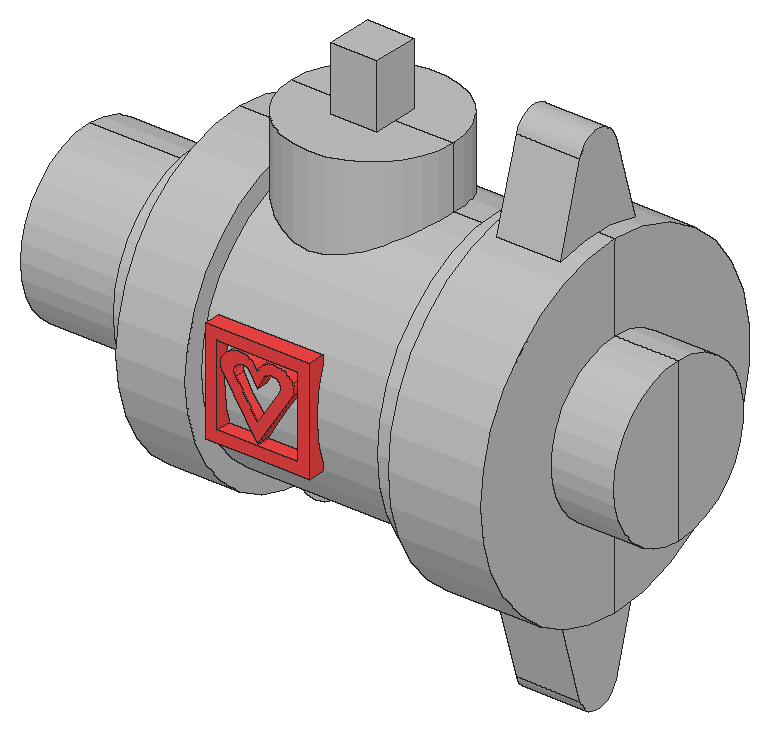
Revit family "Кран для слива и наполнения котла 2512 11", category Rohrzubehör, Revit 2020
Family settings
  Bemaßung runder Anschluss = Durchmesser verwenden
  Teiletyp = Normal
  OmniClass-Nummer = 23.65.55.14
  OmniClass-Titel = Valves for Liquid Services
  Arbeitsebenenbasiert = Nein
  Immer vertikal = Ja
  Beim Laden mit Abzugskörper schneiden = Nein
  Gemeinsam genutzt = Nein
Parameters
  Номер заказа [instance] = if(Nennweite = 15.000 mm, 1251211, 0)  # 1251211
  Мин. рабочая температура = -30 °C  # constant formula
  Макс. рабочая температура = 110 °C  # constant formula
  Макс. рабочее давление = 1000000.0 Pa  # constant formula
  Vorgabe-Ansicht = 0.000 mm
  URL = "www.herz-armaturen.ru"
  Шпиндель = "Латунь CW614N"  # constant formula
  SCTWSEQ = "ENT;AO;1"
  SCTWCODE = "01;10;01"  # constant formula
  SCRNSEQ = "ARM;ARM_TYP=\"ABSV\";1"
  SCRNCODE = "05;08;01"  # constant formula
  S04 = 45.000 mm  # constant formula
  S03 = 16.000 mm  # constant formula
  S02 = L00 - L01  # 24.500 mm
  S01 = L00 + (L09 - L05)  # 51.000 mm
  R99 = 2.000 mm  # constant formula
  R01 = 7.000 mm  # constant formula
  Nennweite [instance] = 15.000 mm  # constant formula
  L10 = L01 - L05 + 1.000 mm  # 14.000 mm
  L09 = 13.500 mm  # constant formula
  L08 = 8.000 mm  # constant formula
  L07 = 4.000 mm  # constant formula
  L06 = 19.000 mm  # constant formula
  L05 = 6.500 mm  # constant formula
  L04 = 9.500 mm  # constant formula
  L03 = 8.500 mm  # constant formula
  L02 = 13.000 mm  # constant formula
  L01 = 19.500 mm  # constant formula
  L00 = 44.000 mm  # constant formula
  Шар = "штампованная латунь, CW617N, хромированный, полнопроходной шар"  # constant formula
  Hersteller = "Herz-Armaturen GmbH"  # constant formula
  H00 = 17.000 mm  # constant formula
  Корпус = "штампованная латунь, CW617N"  # constant formula
  G02 = 13.200 mm  # constant formula
  G01 [instance] = Nennweite / 2  # 7.500 mm
  Уплотнения = "Шар: PTFE, шпиндель: PTFE"  # constant formula
  D08 = 7.000 mm  # constant formula
  D07 = 14.500 mm  # constant formula
  D06 = 12.100 mm  # constant formula
  D05 = 13.400 mm  # constant formula
  D04 = 11.100 mm  # constant formula
  D03 = 11.700 mm  # constant formula
  D02 = 9.300 mm  # constant formula
  D01 [instance] = G01 - 1.500 mm  # 6.000 mm
  Среда = "Качество теплоносителя в соответствии с ÖNORM H5195 и/или предписаниями VDI-Standard 2035. Разрешается использование смеси этилен или пропиленгликоля в соотношении 25-50% с водой."
  Область применения = "Краны используются для слива и наполнения котла в инженерных системах зданий: в системах отопления или холодоснабжения. Ароматические хлорированные углеводороды, такие как природный газ или продукты нефтепереработки, разрушают уплотнения из EPDM."
Reference planes
  plane 1 "Mitte (Vorne/hinten)": y = 0
  plane 2: z = 0
  plane 3 "Mitte (Links/rechts)": x = 0
Forms (mm)
  Revolve 1, solid, material "Messing vernickelt", detail levels fine
    sketch origin (0, 0, 0) x (1, 0, 0) y (0, 0, 1)
      loop
        line (-18, 0) -> (13, 0) -> (13, 11.1) -> (19.5, 11.1) -> (19.5, 13.2) -> (11, 13.2) -> (11, 11.7) -> (-5.5, 11.7) -> (-5.5, 13.4) -> (-11.5, 13.4) -> (-11.5, 9.3) -> (-15, 9.3) -> (-15, 7.5) -> (-24.5, 7.5) -> (-24.5, 6) -> (-18, 6) -> (-18, 0)
      axis (-24.5, 0) -> (19.5, 0)
    angle from 0 to 360
  Extrusion 2, solid, material "Messing vernickelt", detail levels fine
    sketch origin (0, 0, 0) x (1, 0, 0) y (0, 0, 1)
      loop
        line (-2, -12.1) -> (-2, -11.3) -> (-5.52, -11.3) -> (-5.52, -13.4)
        arc (-5.52, -13.4) -> (-3.307, -13.976) -> (-2, -12.1) r 2
    from 1 to -1
  Revolve 3, solid, material "Messing vernickelt", detail levels fine
    sketch origin (0, 0, 0) x (1, 0, 0) y (0, 0, 1)
      loop
        line (0, 0) -> (0, 17) -> (-7, 17) -> (-7, 0) -> (0, 0)
      axis (0, 17) -> (0, 0)
    angle from 0 to 360
  Extrusion 4, solid, material "Messing vernickelt", detail levels fine
    sketch origin (0, 0, 0) x (1, 0, 0) y (0, 1, 0)
      loop
        line (-2, 2) -> (-2, -2) -> (2, -2) -> (2, 2) -> (-2, 2)
    from 17 to 22.5
  Revolve 5, solid, material "Messing vernickelt", detail levels fine
    sketch origin (0, 0, 0) x (1, 0, 0) y (0, 0, 1)
      loop
        line (13, 14.5) -> (13, 13.2) -> (19.5, 13.2) -> (19.5, 0) -> (26.5, 0) -> (26.5, 7) -> (21, 7) -> (21, 14.5) -> (13, 14.5)
      axis (13, 0) -> (26.5, 0)
    angle from 0 to 360
  Extrusion 6, solid, material "Messing vernickelt", detail levels fine
    sketch origin (0, 0, 0) x (0, 1, 0) y (0, 0, 1)
      loop
        line (4, 13.937) -> (1.92, 21.061)
        arc (1.92, 21.061) -> (0, 22.5) -> (-1.92, 21.061) r 2
        line (-1.92, 21.061) -> (-4, 13.937)
        arc (-4, 13.937) -> (0, 14.5) -> (4, 13.937) r 14.5
      loop
        arc (4, -13.937) -> (0, -14.5) -> (-4, -13.937) r 14.5
        line (-4, -13.937) -> (-1.92, -21.061)
        arc (-1.92, -21.061) -> (0, -22.5) -> (1.92, -21.061) r 2
        line (1.92, -21.061) -> (4, -13.937)
    from 14 to 19.5
Lines and regions (mm)
  model lines, detail levels coarse+medium
    curve 1: line (-24.5, 0, 0) -> (26.5, 0, 0)
    curve 2: line (16, 0, 22.5) -> (16, 0, -22.5)
    curve 3: line (16, -22.5, 0) -> (16, 22.5, 0)
Dimensions and locks
  "L00": Revolve 1 sketch curve to Revolve 1 sketch curve
  "L03": Revolve 1 sketch curve to Revolve 1 sketch curve
  "L05": Revolve 1 sketch curve to Revolve 1 sketch curve  (x2)
  "L01": Revolve 1 sketch curve to plane 3 "Mitte (Links/rechts)"
  "L04": Revolve 1 sketch curve to Revolve 1 sketch curve
  "L02": Revolve 1 sketch curve to Revolve 1 sketch curve
  "D01": Revolve 1 sketch curve to plane 2
  "G01": Revolve 1 sketch curve to plane 2
  "D04": Revolve 1 sketch curve to plane 2
  "D02": Revolve 1 sketch curve to plane 2
  "G02": Revolve 1 sketch curve to plane 2
  "D03": Revolve 1 sketch curve to plane 2
  "D05": Revolve 1 sketch curve to plane 2
  "L06": Revolve 1 sketch curve to Revolve 1 sketch curve
  "L07": plane 3 "Mitte (Links/rechts)" to Extrusion 2 sketch curve
  "D06": plane 2 to Extrusion 2 sketch curve
  "R01": plane 3 "Mitte (Links/rechts)" to Revolve 3 sketch curve
  "H00": Revolve 3 sketch curve to plane 2
  "G02": Revolve 5 sketch curve to plane 2
  "D07": Revolve 5 sketch curve to plane 2
  "L01": plane 3 "Mitte (Links/rechts)" to Revolve 5 sketch curve
  "L05": Revolve 5 sketch curve to Revolve 1
  "L08": Revolve 5 sketch curve to Revolve 5 sketch curve
  "D08": Revolve 5 sketch curve to plane 2
  "L09": Revolve 5 sketch curve to Revolve 5 sketch curve
  "L10": plane 3 "Mitte (Links/rechts)" to Extrusion 6
  "S01": curve 1 to curve 1
  "S03": plane 3 "Mitte (Links/rechts)" to curve 2
  "S02": plane 3 "Mitte (Links/rechts)" to curve 1
  equal spacing: curve 2, plane 2, curve 2
  "S04": curve 2 to curve 2
  "S04": curve 3 to curve 3
  equal spacing: curve 3, plane 1 "Mitte (Vorne/hinten)", curve 3
  "S03": plane 3 "Mitte (Links/rechts)" to curve 3
  "D03": nested 1 to plane 1 "Mitte (Vorne/hinten)"
  "R99": radius of Extrusion 2 sketch curve
  aligned and locked: level to plane 2
Automatic sketch dimensions
  plane 1 "Mitte (Vorne/hinten)" to Extrusion 4 sketch curve = 2.000 mm
  plane 3 "Mitte (Links/rechts)" to Extrusion 4 sketch curve = 2.000 mm
  Extrusion 4 sketch curve to plane 1 "Mitte (Vorne/hinten)" = 2.000 mm
  Extrusion 4 sketch curve to plane 3 "Mitte (Links/rechts)" = 2.000 mm
  Extrusion 6 sketch curve to Extrusion 6 sketch curve = 0.000 mm  (x2)
  Extrusion 6 sketch curve to plane 1 "Mitte (Vorne/hinten)" = 0.000 mm  (x3)
  Extrusion 6 sketch curve to level = 0.000 mm
  plane 1 "Mitte (Vorne/hinten)" to Extrusion 6 sketch curve = 1.920 mm  (x2)
  plane 1 "Mitte (Vorne/hinten)" to Extrusion 6 sketch curve = 4.000 mm  (x2)
  Extrusion 6 sketch curve to plane 1 "Mitte (Vorne/hinten)" = 1.920 mm  (x2)
  Extrusion 6 sketch curve to plane 1 "Mitte (Vorne/hinten)" = 4.000 mm  (x2)
  Extrusion 6 sketch curve to level = 13.937 mm
  Extrusion 6 sketch curve to Extrusion 6 sketch curve = 6.563 mm  (x2)
  Extrusion 6 sketch curve to Extrusion 6 sketch curve = 0.561 mm  (x2)
  level to Extrusion 6 sketch curve = 13.937 mm
  curve 1 to level = 0.000 mm
  Revolve 1 sketch curve to level = 0.000 mm  (x2)
  Revolve 1 sketch curve to Revolve 1 sketch curve = 1482.030 mm
  Revolve 1 sketch curve to Revolve 1 sketch curve = 1819.648 mm
  Extrusion 2 sketch curve to Extrusion 2 sketch curve = 1.520 mm
  Extrusion 2 sketch curve to Extrusion 2 sketch curve = 0.800 mm
  Revolve 3 sketch curve to level = 0.000 mm
  Revolve 3 sketch curve to plane 3 "Mitte (Links/rechts)" = 0.000 mm  (x2)
  Revolve 3 sketch curve to level = 366.045 mm
  Revolve 3 sketch curve to Revolve 3 sketch curve = 2197.315 mm
  Revolve 5 sketch curve to level = 0.000 mm  (x2)
  Revolve 5 sketch curve to plane 3 "Mitte (Links/rechts)" = 1506.530 mm
  Revolve 5 sketch curve to Revolve 5 sketch curve = 1812.648 mm
Nested families
  nested 1: "Herz-Logo-vorne" at (0, -11.7, 0) x (0, 1, 0) z (0, 0, 1), type "Herz-Logo-vorne"
Connectors
  piping at (-24.5, 0, 0), diameter 15, driven by "Nennweite"
    settings: on Revolve 1, index 1, connector inside diameter 609.6 mm, connector length 0.000 mm, flow factor 0, pipe flow 0.0 L/s, pressure drop 0.0 Pa, fitting loss kfactor 0, connector angle 0.00°, fixture units 0, engagement length 0.000 mm, angle of deflection 0.00°, flow configuration 0, flow direction 0, fitting loss method 0, system type 29, joint type 0, gender type 0, connector reference index -1, connector utility 0, adjustable connector no, is connector primary yes, connector description ""
Definition of nested family "Herz-Logo-vorne"
  Parameters (values of type "Herz-Logo-vorne")
    Default Elevation = 0.000 mm
  Reference planes
    plane 1 "Mitte (Vorne/hinten)": y = 0
    plane 2: z = 0
    plane 3 "Mitte (Links/rechts)": x = 0
  Forms (mm)
    Extrusion 1, solid
      sketch origin (0.732, -0.018, 0.017) x (0, -1, 0) y (0, 0, 1)
        loop
          line (-0.018, -4.517) -> (4.482, -4.517) -> (4.482, 4.483) -> (-4.518, 4.483) -> (-4.518, -4.517) -> (-0.018, -4.517)
        loop
          line (-0.05, -3.48) -> (3.482, -3.48) -> (3.482, 3.483) -> (-3.518, 3.483) -> (-3.518, -3.48) -> (-0.05, -3.48)
        loop
          arc (-0.018, 2.383) -> (-1.543, 3.287) -> (-3.067, 2.383) r 1.738
          arc (-3.067, 2.383) -> (-3.191, 1.899) -> (-3.067, 1.415) r 1.009
          line (-3.067, 1.415) -> (-0.018, -3.281) -> (3.032, 1.415)
          arc (3.032, 1.415) -> (3.156, 1.899) -> (3.032, 2.383) r 1.009
          arc (3.032, 2.383) -> (1.507, 3.287) -> (-0.018, 2.383) r 1.738
        loop
          arc (1.885, 1.272) -> (2.005, 1.675) -> (1.885, 2.079) r 0.74
          arc (1.885, 2.079) -> (1.265, 2.416) -> (0.644, 2.079) r 0.74
          line (0.644, 2.079) -> (-0.018, 0.97) -> (-0.679, 2.079)
          arc (-0.679, 2.079) -> (-1.3, 2.416) -> (-1.921, 2.079) r 0.74
          arc (-1.921, 2.079) -> (-2.04, 1.675) -> (-1.921, 1.272) r 0.74
          line (-1.921, 1.272) -> (-0.018, -1.658) -> (1.885, 1.272)
      from 0 to 1.5
  Dimensions and locks
    aligned and locked: level to plane 2
